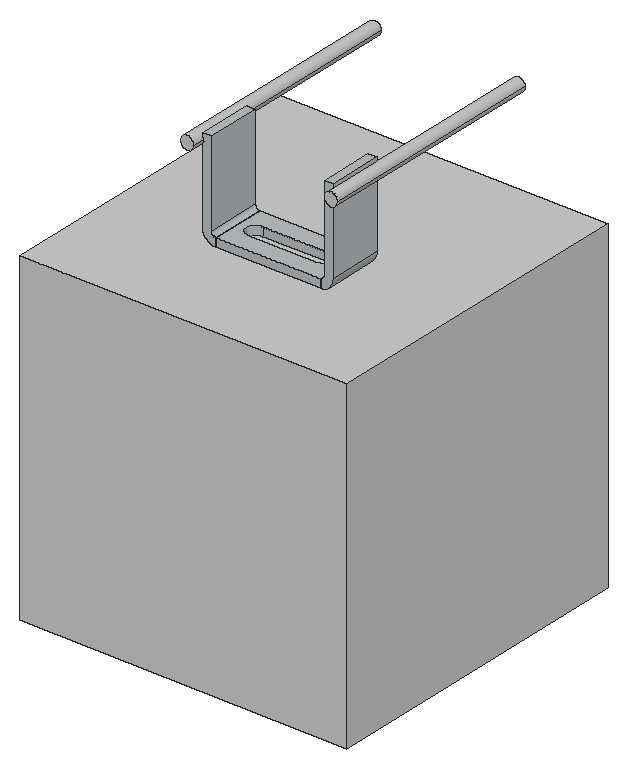
Revit family "REC-AO14490", category Structural Connections, host Face, Revit 2024
Family settings
  Host = Face
  Material for Model Behavior = Steel
  Enable Cutting in Views = Yes
  Cut with Voids When Loaded = Yes
  Shared = No
Parameters (values of type "AO14490")
  Visible = yes
  URL_Product_(Producto) = ""
  URL_DataSheet_(FichaTecnica) = ""
  URL_CE_Marking_(MarcadoCE) = ""
  Type IFC Predefined Type = "Brackets"
  Type Comments = ""
  URL = "https://recense.com/"
  Model = "AO14490"
  Manufacturer = "RECENSE"
  Keynote_ESP = "Anclaje antivuelco oculto para fijación de paneles  a pilar."
  Keynote = "Concealed anti-tip anchor for fixing panels to the pilar."
  IFCExportType = Classification.Uniclass.Pr.Description  # "Anchors and components"
  IFCExportAs = "IfcElementAssembly"
  Fecha de Creacion: = "01/03/2024"
  Fecha Ultima Revision: = "01/03/2024"
  Export Type to IFC As = "IfcElementAssembly"
  Description_ESP = "Anclaje oculto 144x90 mm con relleno de poliestireno expandido."
  Description = "Concealed anchor 144x90 mm with expanded polystyrene filling."
  Default Elevation = 0.0 mm
  Creado por: = "Deliprogal SL"
  Cost = 0
  Classification.Uniclass.Ss.Number = ""
  Classification.Uniclass.Ss.Description = ""
  Classification.Uniclass.Pr.Number = "Pr_20_29_03"
  Classification.Uniclass.Pr.Description = "Anchors and components"
  Classification.Uniclass.EF.Number = ""
  Classification.Uniclass.EF.Description = ""
  Classification.Space.Number = ""
  Classification.Space.Description = ""
  Classification.Facility.Number = ""
  Classification.Facility.Description = ""
  Assembly Code = ""
Reference planes
  plane 1 "Center (Front/Back)": y = 0
  plane 2: z = 0
  plane 3 "Center (Left/Right)": x = 0
Forms (mm)
  Extrusion 1, solid, material "REC_Base"
    sketch origin (0, -719.2, 0) x (1, 0, 0) y (0, 1, 0)
      loop
        line (-150, 869.2) -> (-150, 569.2) -> (150, 569.2) -> (150, 869.2) -> (-150, 869.2)
    from 0 to -300
  Extrusion 2, solid, material "REC_Acero, S 275JR (Zincado)"
    sketch origin (0, -2.5, 0) x (1, 0, 0) y (0, 0, 1)
      loop
        line (-60, 90) -> (-60, 12)
        arc (-60, 12) -> (-56.485, 3.515) -> (-48, 0) r 12
        line (-48, 0) -> (-48, 8)
        arc (-48, 8) -> (-50.828, 9.172) -> (-52, 12) r 4
        line (-52, 12) -> (-52, 90) -> (-60, 90)
      loop
        arc (52, 12) -> (50.828, 9.172) -> (48, 8) r 4
        line (48, 8) -> (48, 0)
        arc (48, 0) -> (56.485, 3.515) -> (60, 12) r 12
        line (60, 12) -> (60, 90) -> (52, 90) -> (52, 12)
    from 0 to 50
  Extrusion 3, void
    sketch origin (0, -2.5, 0) x (0, -1, 0) y (1, 0, 0)
      loop
        line (33.5, -31.5) -> (33.5, 31.5)
        arc (33.5, 31.5) -> (25, 40) -> (16.5, 31.5) r 8.5
        line (16.5, 31.5) -> (16.5, -31.5)
        arc (16.5, -31.5) -> (25, -40) -> (33.5, -31.5) r 8.5
    from 8 to 0
  Extrusion 4, solid, material "REC-Steel ASTM A500, Grade B, Round"
    sketch origin (0, -2.5, 0) x (1, 0, 0) y (0, 0, 1)
      loop
        circle (-66, 84) r 6
    from -155 to 60
  Extrusion 5, solid, material "REC-Steel ASTM A500, Grade B, Round"
    sketch origin (0, -2.5, 0) x (-1, 0, 0) y (0, 0, -1)
      loop
        circle (-66, -84) r 6
    from -155 to 60
  Extrusion 6, solid, material "REC_Acero, S 275JR (Zincado)"
    sketch origin (0, 0, 0) x (1, 0, 0) y (0, 1, 0)
      loop
        line (-48, -2.5) -> (-48, -52.5) -> (48, -52.5) -> (48, -2.5) -> (-48, -2.5)
    from 8 to 0
Cuts and joins
  Extrusion 3 cuts Extrusion 2
  Extrusion 3 cuts Extrusion 6
Dimensions and locks
  aligned and locked: plane 2 to Extrusion 1
  aligned and locked: level to Extrusion 1
